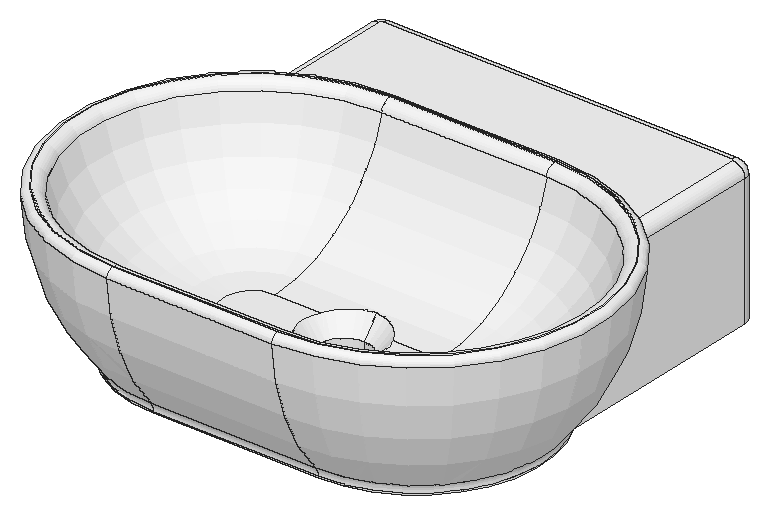
Revit family "Incepa_Calypso_Cuba_de_Apoio", category Plumbing Fixtures, Revit 2014
Parameters
  WFU = 0
  Type Comments = ""
  Profundidade = 400.00 mm
  Largura = 450.00 mm
  HWFU = 0
  URL = "http://www.incepa.com.br"
  Selo de Qualidade ofcdesk = "Standard"  # constant formula
  Model = ""
  Manufacturer = "Incepa"
  Louças [instance] = Incepa - Louça_Branca
  Description = ""
  Default Elevation = 0.00 mm
  Desenvolvido por = "ofcdesk"  # constant formula
  CWFU = 0
  Assembly Code = ""
Reference planes
  plane 1 "Back": y = 0
  plane 2: z = 0
  plane 3 "Center (Left/Right)": x = 0
  plane 4 "Top": z = 130
  plane 5: y = -400
  plane 6: x = -225
  plane 7: x = 225
Forms (mm)
  Sweep 1, solid, material "Incepa - Louça_Branca" <- "Louças"
    path origin (0, -1.25, 0) x (1, 0, 0) y (0, 1, 0)
      loop
        line (-70, -400) -> (70, -400)
        arc (70, -400) -> (225, -245) -> (70, -90) r 155
        line (70, -90) -> (-70, -90)
        arc (-70, -90) -> (-225, -245) -> (-70, -400) r 155
    profile origin (0, -401.25, 0) x (0, 1, 0) y (0, 0, 1)
      loop
        arc (47.694, 8.776) -> (49.793, 5.355) -> (50.525, 1.409) r 11
        line (50.525, 1.409) -> (50.525, 0) -> (131.655, 0) -> (131.655, 33.686) -> (130.842, 33.686)
        arc (130.842, 33.686) -> (59.055, 58.507) -> (17.932, 122.369) r 116.219
        arc (17.932, 122.369) -> (14.394, 127.864) -> (8.217, 130) r 10
        line (8.217, 130) -> (7.265, 130)
        arc (7.265, 130) -> (2.952, 128.171) -> (1.268, 123.8) r 6
        arc (1.268, 123.8) -> (14.306, 62.181) -> (47.694, 8.776) r 180.772
  Sweep 2, solid, material "Incepa - Louça_Branca" <- "Louças"
    path origin (0, 0, 0) x (1, 0, 0) y (0, 1, 0)
      loop
        line (-159.927, -232) -> (-159.927, -12)
        arc (-159.927, -12) -> (-156.413, -3.515) -> (-147.927, 0) r 12
        line (-147.927, 0) -> (147.927, 0)
        arc (147.927, 0) -> (156.413, -3.515) -> (159.927, -12) r 12
        line (159.927, -12) -> (159.927, -232)
    profile origin (0, 0, 0) x (0, -1, 0) y (0, 0, 1)
      loop
        line (0, 0) -> (11, 0) -> (11, 120) -> (10, 120)
        arc (10, 120) -> (2.929, 117.071) -> (0, 110) r 10
        line (0, 110) -> (0, 0)
  Extrusion 3, solid, material "Incepa - Louça_Branca" <- "Louças"
    sketch origin (0, 0, 0) x (1, 0, 0) y (0, 1, 0)
      loop
        arc (-70, -222.905) -> (-93.345, -246.25) -> (-70, -269.595) r 23.345
        line (-70, -269.595) -> (70, -269.595)
        arc (70, -269.595) -> (93.345, -246.25) -> (70, -222.905) r 23.345
        line (70, -222.905) -> (-70, -222.905)
    from 0 to 33.686
  Extrusion 4, solid, material "Incepa - Louça_Branca" <- "Louças"
    sketch origin (0, 0, 0) x (1, 0, 0) y (0, 1, 0)
      loop
        arc (-142.999, -44.086) -> (-133.978, -22.307) -> (-112.199, -13.286) r 30.8
        line (-112.199, -13.286) -> (112.199, -13.286)
        arc (112.199, -13.286) -> (133.978, -22.307) -> (142.999, -44.086) r 30.8
        line (142.999, -44.086) -> (142.999, -232) -> (149.427, -232) -> (149.427, -11)
        arc (149.427, -11) -> (149.281, -10.646) -> (148.927, -10.5) r 0.5
        line (148.927, -10.5) -> (-148.927, -10.5)
        arc (-148.927, -10.5) -> (-149.281, -10.646) -> (-149.427, -11) r 0.5
        line (-149.427, -11) -> (-149.427, -232) -> (-142.999, -232) -> (-142.999, -44.086)
    from 0 to 120
  Extrusion 5, solid, material "Incepa - Louça_Branca" <- "Louças"
    sketch origin (0, 0, 0) x (1, 0, 0) y (0, 1, 0)
      loop
        line (-142.999, -44.086) -> (-142.999, -232) -> (142.999, -232) -> (142.999, -44.086)
        arc (142.999, -44.086) -> (133.978, -22.307) -> (112.199, -13.286) r 30.8
        line (112.199, -13.286) -> (-112.199, -13.286)
        arc (-112.199, -13.286) -> (-133.978, -22.307) -> (-142.999, -44.086) r 30.8
    from 0 to 120
  Sweep 6, void
    path origin (0, -1.25, 0) x (1, 0, 0) y (0, 1, 0)
      loop
        line (-70, -400) -> (70, -400)
        arc (70, -400) -> (225, -245) -> (70, -90) r 155
        line (70, -90) -> (-70, -90)
        arc (-70, -90) -> (-225, -245) -> (-70, -400) r 155
    profile origin (0, -401.25, 0) x (0, 1, 0) y (0, 0, 1)
      loop
        arc (47.694, 8.776) -> (49.793, 5.355) -> (50.525, 1.409) r 11
        line (50.525, 1.409) -> (50.525, 0) -> (131.655, 0) -> (131.655, 130) -> (7.265, 130)
        arc (7.265, 130) -> (2.952, 128.171) -> (1.268, 123.8) r 6
        arc (1.268, 123.8) -> (14.306, 62.181) -> (47.694, 8.776) r 180.772
  Extrusion 7, void
    sketch origin (0, 0, 0) x (1, 0, 0) y (0, 1, 0)
      loop
        arc (-70, -222.905) -> (-93.345, -246.25) -> (-70, -269.595) r 23.345
        line (-70, -269.595) -> (70, -269.595)
        arc (70, -269.595) -> (93.345, -246.25) -> (70, -222.905) r 23.345
        line (70, -222.905) -> (-70, -222.905)
    from 33.686 to 186.692
  Revolve 8, void
    sketch origin (0, 0, 0) x (0, 1, 0) y (0, 0, 1)
      loop
        line (-259.131, 19.062) -> (-259.131, -4.147) -> (-237.076, -4.147) -> (-237.076, 43.025) -> (-278.535, 43.025) -> (-259.131, 19.062)
      axis (-237.076, -4.147) -> (-237.076, 43.025)
    angle from 0 to 360
Cuts and joins
  Extrusion 7, Revolve 8 cuts Sweep 1
  Sweep 6, Extrusion 7, Revolve 8 cuts Sweep 2
  Extrusion 7, Revolve 8 cuts Extrusion 3
  Sweep 6, Extrusion 7, Revolve 8 cuts Extrusion 4
  Sweep 6, Extrusion 7, Revolve 8 cuts Extrusion 5
  joined: Sweep 1, Sweep 2, Extrusion 3, Extrusion 4, Extrusion 5
Dimensions and locks
  plane 4 "Top" to plane 2 = 130.00 mm  (x2)
  "Largura": plane 6 to plane 7
  "Profundidade": plane 5 to plane 1 "Back"
  equal spacing: plane 6, plane 3 "Center (Left/Right)", plane 7
  aligned and locked: plane 2 to level
Automatic sketch dimensions
  Sweep 1 sketch curve to plane 5 = 1.25 mm
  plane 3 "Center (Left/Right)" to Sweep 1 sketch curve = 70.00 mm
  plane 1 "Back" to Sweep 2 sketch curve = 0.00 mm
  plane 1 "Back" to Sweep 2 sketch curve = 12.00 mm  (x2)
  plane 6 to Sweep 2 sketch curve = 65.073 mm
  Sweep 2 sketch curve to plane 7 = 77.073 mm
  Sweep 2 sketch curve to Sweep 2 sketch curve = 220.00 mm  (x2)
  Sweep 2 sketch curve to profile plane = 0.00 mm
  Sweep 2 sketch curve to level = 0.00 mm
  Sweep 2 sketch curve to profile plane = 10.00 mm
  Sweep 2 sketch curve to Sweep 2 sketch curve = 1.00 mm
  level to Sweep 2 sketch curve = 110.00 mm
  Sweep 1 sketch curve to plane 3 "Center (Left/Right)" = 70.00 mm
  Sweep 1 sketch curve to Sweep 1 sketch curve = 155.00 mm
  Sweep 1 sketch curve to level = 0.00 mm
  Sweep 1 sketch curve to profile plane = 7.265 mm
  Sweep 1 sketch curve to Sweep 1 sketch curve = 0.952 mm
  level to Sweep 1 sketch curve = 1.409 mm
  Sweep 1 sketch curve to profile plane = 39.525 mm
  Sweep 1 sketch curve to Sweep 1 sketch curve = 11.00 mm
  level to Sweep 1 sketch curve = 33.686 mm
  Sweep 1 sketch curve to Sweep 1 sketch curve = 80.317 mm
  Sweep 1 sketch curve to Sweep 1 sketch curve = 0.813 mm
  Sweep 1 sketch curve to Sweep 1 sketch curve = 51.097 mm
  Sweep 1 sketch curve to Sweep 1 sketch curve = 4.00 mm
  Sweep 1 sketch curve to Sweep 1 sketch curve = 6.00 mm
  Sweep 1 sketch curve to Sweep 1 sketch curve = 20.065 mm
  Sweep 1 sketch curve to Sweep 1 sketch curve = 0.00 mm  (x2)
  Sweep 1 sketch curve to Sweep 1 sketch curve = 9.715 mm
  Extrusion 3 sketch curve to plane 3 "Center (Left/Right)" = 70.00 mm
  plane 3 "Center (Left/Right)" to Extrusion 3 sketch curve = 70.00 mm
  plane 5 to Extrusion 3 sketch curve = 130.405 mm
  Extrusion 3 sketch curve to Extrusion 3 sketch curve = 23.345 mm
  plane 6 to Extrusion 5 sketch curve = 82.001 mm
  Extrusion 5 sketch curve to Extrusion 5 sketch curve = 30.80 mm
  plane 1 "Back" to Extrusion 5 sketch curve = 13.286 mm
  plane 3 "Center (Left/Right)" to Extrusion 5 sketch curve = 112.199 mm
  Extrusion 5 sketch curve to plane 7 = 82.001 mm
  plane 5 to Extrusion 5 sketch curve = 168.00 mm
  plane 6 to Extrusion 4 sketch curve = 75.573 mm
  Extrusion 4 sketch curve to Extrusion 4 sketch curve = 0.50 mm
  Extrusion 4 sketch curve to Extrusion 4 sketch curve = 6.429 mm  (x2)
  plane 1 "Back" to Extrusion 4 sketch curve = 13.286 mm
  Extrusion 4 sketch curve to Extrusion 4 sketch curve = 36.729 mm
  plane 1 "Back" to Extrusion 4 sketch curve = 44.086 mm
  plane 3 "Center (Left/Right)" to Extrusion 4 sketch curve = 112.199 mm
  Extrusion 4 sketch curve to Extrusion 4 sketch curve = 5.929 mm
  plane 5 to Extrusion 4 sketch curve = 168.00 mm  (x2)
  plane 1 "Back" to Extrusion 4 sketch curve = 11.00 mm
  Sweep 6 sketch curve to plane 5 = 1.25 mm
  Sweep 6 sketch curve to plane 3 "Center (Left/Right)" = 70.00 mm
  plane 3 "Center (Left/Right)" to Sweep 6 sketch curve = 70.00 mm
  plane 5 to Sweep 6 sketch curve = 153.75 mm
  Sweep 6 sketch curve to level = 0.00 mm
  Sweep 6 sketch curve to profile plane = 7.265 mm
  level to Sweep 6 sketch curve = 1.409 mm
  Sweep 6 sketch curve to profile plane = 39.525 mm
  Sweep 6 sketch curve to Sweep 6 sketch curve = 11.00 mm
  Sweep 6 sketch curve to Sweep 6 sketch curve = 0.16 mm
  Sweep 6 sketch curve to Sweep 6 sketch curve = 6.00 mm
  Sweep 6 sketch curve to Sweep 6 sketch curve = 0.00 mm
  Sweep 6 sketch curve to Sweep 6 sketch curve = 50.284 mm
  Sweep 6 sketch curve to Sweep 6 sketch curve = 115.224 mm
  Sweep 6 sketch curve to Sweep 6 sketch curve = 124.39 mm
  Extrusion 7 sketch curve to plane 3 "Center (Left/Right)" = 70.00 mm
  plane 3 "Center (Left/Right)" to Extrusion 7 sketch curve = 70.00 mm
  plane 5 to Extrusion 7 sketch curve = 130.405 mm
  Extrusion 7 sketch curve to Extrusion 7 sketch curve = 23.345 mm
  level to Revolve 8 sketch curve = 43.025 mm
  plane 5 to Revolve 8 sketch curve = 121.465 mm
  Revolve 8 sketch curve to Revolve 8 sketch curve = 19.405 mm
  Revolve 8 sketch curve to level = 4.147 mm
  Revolve 8 sketch curve to Revolve 8 sketch curve = 22.054 mm
  level to Revolve 8 sketch curve = 19.062 mm
  Revolve 8 sketch curve to Revolve 8 sketch curve = 0.00 mm  (x2)
  Revolve 8 sketch curve to Revolve 8 sketch curve = 25.00 mm
